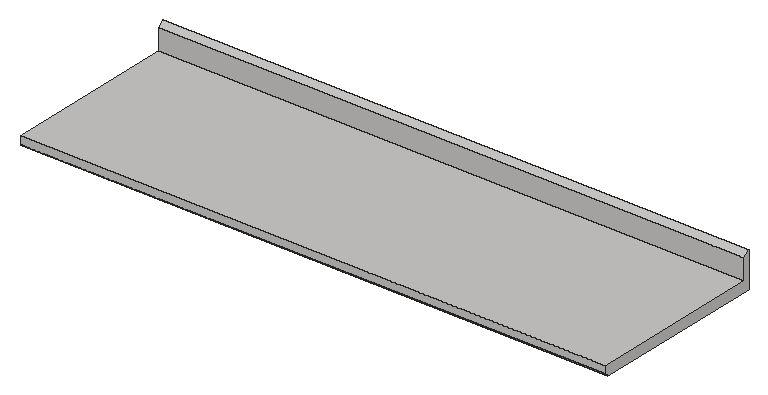
Revit family "QF_ELECTROLUXPROFESSIONAL_121161_TPLA23A", category Attrezzature speciali, Revit 2020
Family settings
  Quota connettore circolare = Usa diametro
  Tipo di parte = Normale
  Basato su piano di lavoro = No
  Sempre verticale = Sì
  Taglio con vuoti quando caricato = No
  Condiviso = No
  Punto di calcolo locali = No
Parameters (values of type "Standard")
  Weight = 74.00 kg
  Watts = 0 W
  Volts = 0 V
  URL Manufacturer = "https://www.electroluxprofessional.com/"
  URL = "https://www.electroluxprofessional.com/"
  Steam Supply Size = 0 mm
  Steam Supply Minimum Pressure = 0.0 Pa
  Steam Supply Maximum Pressure = 0.0 Pa
  Steam Consumption per Hour = 0
  Refrigeration Suction Line Size = 0.0 mm
  Refrigeration Liquid Line Size = 0.0 mm
  Refrigerant Compressor Remote = yes
  Prospetto di default = 0.0 mm
  Phase = 0
  Modello = "TPLA23A"
  Produttore = "Electrolux Professional"
  Length Actual = 2300.0 mm  # constant formula
  Item Number = "121161"
  Hot Water Size = 0 mm
  Height Actual = 140.0 mm  # constant formula
  HP = "0 HP"
  Gas Size = 0 mm
  Gas KW = 0
  Gas Input Pressure = 0 W
  Direct Waste Size = 0 mm
  Descrizione = "WORK TOP WITH UPSTAND 2300MM"
  Depth Actual = 700.0 mm  # constant formula
  Cycle = 0 Hz
  Condensate Return Size = 0 mm
  Compressed Air Volume = 0.0 L/s
  Compressed Air Size = 0 mm
  Compressed Air Pressure = 0.0 Pa
  Cold Water Size = 0 mm
  Accessory = yes
Reference planes
  plane 1 "Center (Front/Back)": y = 0
  plane 2: z = 0
  plane 3 "Center (Left/Right)": x = -650
  plane 4 "LEFT": x = -1800
  plane 5 "RIGHT": x = 500
  plane 6 "BACK": y = 350
  plane 7 "FRONT": y = -350
  plane 8 "TOP": z = 1000
  plane 9: z = 900
  plane 10: z = 860
Forms (mm)
  Extrusion 1, solid, material "QF_Finishes_Stainless Steel"
    sketch origin (-650, 0, 0) x (0, 1, 0) y (0, 0, 1)
      loop
        line (350, 1000) -> (330, 980) -> (330, 900) -> (-350, 900) -> (-350, 870) -> (-340, 860) -> (350, 860) -> (350, 1000)
    from 1150 to -1150
Lines and regions (mm)
  symbolic lines
    curve 1: line (500, 350, 1000) -> (-1800, 350, 1000)
    curve 2: line (-1800, 350, 1000) -> (-1800, -350, 1000)
    curve 3: line (-1800, -350, 1000) -> (500, -350, 1000)
    curve 4: line (500, -350, 1000) -> (500, 350, 1000)
    curve 5: line (-1800, 330, 1000) -> (500, 330, 1000)
Dimensions and locks
  plane 4 "LEFT" to plane 5 "RIGHT" = 2300.0 mm
  equal spacing: plane 4 "LEFT", plane 3 "Center (Left/Right)", plane 5 "RIGHT"
  plane 6 "BACK" to plane 7 "FRONT" = 700.0 mm
  equal spacing: plane 6 "BACK", plane 1 "Center (Front/Back)", plane 7 "FRONT"
  locked: plane 8 "TOP" to plane 9 at 100
  locked: plane 6 "BACK" to Extrusion 1 sketch curve at 20
  plane 10 to level = 860.0 mm
  plane 8 "TOP" to plane 10 = 140.0 mm
  aligned and locked: level to plane 2
  aligned and locked: Extrusion 1 to plane 4 "LEFT"
  aligned and locked: plane 5 "RIGHT" to Extrusion 1
  aligned and locked: curve 2 to plane 4 "LEFT"
  aligned and locked: Extrusion 1 sketch curve to plane 9
  aligned and locked: Extrusion 1 sketch curve to plane 6 "BACK"
  aligned and locked: plane 7 "FRONT" to Extrusion 1 sketch curve
  aligned and locked: plane 10 to Extrusion 1 sketch curve
Automatic sketch dimensions
  curve 3 to plane 7 "FRONT" = 0.0 mm
  curve 4 to plane 5 "RIGHT" = 0.0 mm
  curve 4 to plane 6 "BACK" = 0.0 mm
  curve 5 to plane 6 "BACK" = 20.0 mm
  Extrusion 1 sketch curve to plane 8 "TOP" = 0.0 mm
  Extrusion 1 sketch curve to plane 8 "TOP" = 20.0 mm
  plane 7 "FRONT" to Extrusion 1 sketch curve = 10.0 mm
  level to Extrusion 1 sketch curve = 870.0 mm
